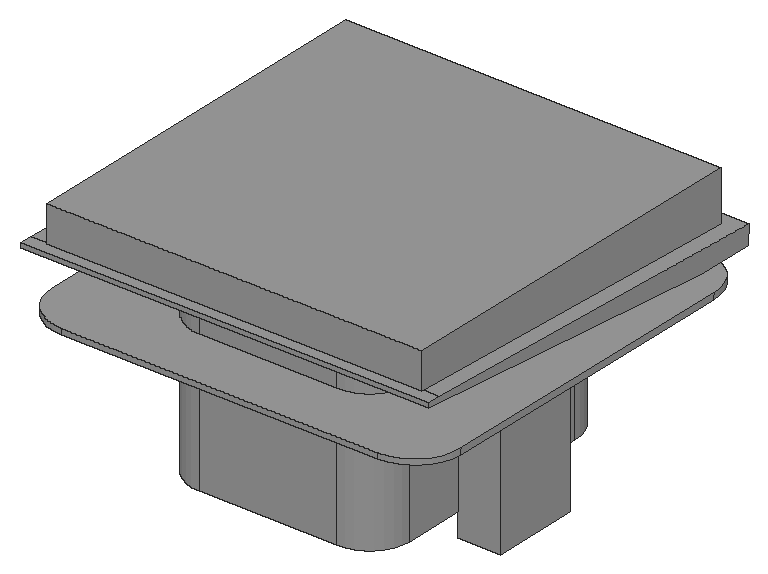
Revit family "Gira_012666", category Electrical Fixtures, host Face, Revit 2017
Family settings
  Host = Face
  Maintain Annotation Orientation = Yes
  Round Connector Dimension = Use Diameter
  Part Type = Normal
  Cut with Voids When Loaded = No
  Shared = No
  Room Calculation Point = No
Parameters (values of type "PB sw. off/2-way Gira TX_44 (WP FM) p.white")
  With mounting plate = "No"
  Wiring system = "Two-way switch"
  Washing machine switch = "No"
  URL = "http://katalog.gira.de/en/datenblatt.html?artikelnr=012666"
  Type of fastening = "Mounting with claw and screw"
  Surface protection = "Other"
  Suitable for degree of protection (IP) = "IP44"
  Rated current = "10"
  RAL-number (akin) = "9010"
  Push button switch = "Yes"
  Number of rockers = "1"
  Number of modules (module system) = "1"
  Nominal voltage = "250"
  Name = "PB sw. off/2-way Gira TX_44 (WP FM) p.white"
  Mounting method = "Flush mounted (plaster)"
  Method of operation = "Rocker/button"
  Material quality = "Thermoplastic"
  Material = "Plastic"
  Manufacturer URL = "https://www.gira.de/"
  Manufacturer = "Gira"
  Label space/information surface = "No"
  Keynote = ""
  Illumination = "No"
  HeinzeBIM = "https://bimportal.heinze.de/bim/pb-sw-off-2-way-gira-tx-44-wp-fm-p-white/87e148f87b9652e7c44a867898ee85d702d4fd30"
  Halogen free = "Yes"
  HAN = "012666"
  GTIN = "4010337126669"
  Feedback-signal contact = "No"
  Description = "PB sw.off 2-w TX_44 PW,Pushbutton switch 10 AX 250 V~ with rocker,Universal off 2-way switch,pure white,Notes :,- With touch-activation operation.,- Theft-prevention implemented via optional screw-in clamp piece. This makes plugging of cover frame unnecessary.,- If this switch is to be illuminated, please incorporate an indicator switch."
  Default Elevation = 1219.2 mm
  Data sheet (1) = "https://katalog.gira.de/en/download.html?artikelnr=012666"
  Connection type = "Plug clamp"
  Colour = "White"
  Category = "Switch"
  BIM (1) = "https://media.stage.bim.site/public/gira/36a6b08/TX44_Komplettgerät_Schalten und Tasten.rfa?public/gira/36a6b08/TX44_Komplettgerät_Schalten und Tasten.rfa"
  Available = "No"
  Assembly arrangement = "Basic element with central cover plate"
Reference planes
  plane 1 "Center (Front/Back)": y = 0
  plane 2 "Reference Level 0": z = 0
  plane 3 "Center (Left/Right)": x = 0
  plane 4: z = -28.6
Forms (mm)
  Extrusion 1, solid, material "Default", detail levels fine
    sketch origin (0, 0, 0) x (1, 0, 0) y (0, 1, 0)
      loop
        line (-32.604, 32.5) -> (-32.604, -32.5) -> (32.735, -32.5) -> (32.735, 32.5) -> (-32.604, 32.5)
    from 0 to 12.3
  Extrusion 2, solid, material "Default", detail levels fine
    sketch origin (0, 0, 0) x (0, 1, 0) y (0, 0, 1)
      loop
        line (35, 3.483) -> (-32.2, 6) -> (-34.55, 6) -> (-34.536, 5.199) -> (24.886, 0) -> (34.939, 0) -> (35, 3.483)
    from -35.5 to 35.5
  Extrusion 3, void
    sketch origin (0, 0, 0) x (0, 1, 0) y (0, 0, 1)
      loop
        line (42.419, 3.205) -> (-32.2, 6) -> (-42.193, 6) -> (-42.193, -11.826) -> (42.419, -11.826) -> (42.419, 3.205)
    from -64.194 to 61.264
  Extrusion 4, solid, material "Default", detail levels fine
    sketch origin (0, 0, 0) x (1, 0, 0) y (0, 1, 0)
      loop
        arc (35.5, 27.5) -> (33.157, 33.157) -> (27.5, 35.5) r 8
        line (27.5, 35.5) -> (-27.5, 35.5)
        arc (-27.5, 35.5) -> (-33.157, 33.157) -> (-35.5, 27.5) r 8
        line (-35.5, 27.5) -> (-35.5, -27.5)
        arc (-35.5, -27.5) -> (-33.157, -33.157) -> (-27.5, -35.5) r 8
        line (-27.5, -35.5) -> (27.5, -35.5)
        arc (27.5, -35.5) -> (33.157, -33.157) -> (35.5, -27.5) r 8
        line (35.5, -27.5) -> (35.5, 27.5)
    from -4.1 to -5.1
  Extrusion 5, solid, material "Default", detail levels fine
    sketch origin (0, 0, 0) x (1, 0, 0) y (0, 1, 0)
      loop
        arc (-12, 25) -> (-16.95, 22.95) -> (-19, 18) r 7
        line (-19, 18) -> (-19, -18)
        arc (-19, -18) -> (-16.95, -22.95) -> (-12, -25) r 7
        line (-12, -25) -> (12, -25)
        arc (12, -25) -> (16.95, -22.95) -> (19, -18) r 7
        line (19, -18) -> (19, 18)
        arc (19, 18) -> (16.95, 22.95) -> (12, 25) r 7
        line (12, 25) -> (-12, 25)
    from 4.692 to -28.6
  Extrusion 6, solid, material "Default", detail levels fine
    sketch origin (0, 0, 0) x (1, 0, 0) y (0, 1, 0)
      loop
        line (-26.5, -7.5) -> (-19, -7.5) -> (-19, 7.5) -> (-26.5, 7.5) -> (-26.5, -7.5)
    from -5.1 to -32.6
  Extrusion 7, solid, material "Default", detail levels fine
    sketch origin (0, 0, 0) x (-1, 0, 0) y (0, -1, 0)
      loop
        line (-26.5, 7.5) -> (-26.5, -7.5) -> (-19, -7.5) -> (-19, 7.5) -> (-26.5, 7.5)
    from -5.1 to -32.6
  Extrusion 8, solid, material "Default", detail levels medium
    sketch origin (0, 0, 0) x (1, 0, 0) y (0, 1, 0)
      loop
        line (-32.604, 32.5) -> (-32.604, -32.5) -> (32.735, -32.5) -> (32.735, 32.5) -> (-32.604, 32.5)
    from 0 to 12.3
  Extrusion 9, solid, material "Default", detail levels medium
    sketch origin (0, 0, 0) x (0, 1, 0) y (0, 0, 1)
      loop
        line (35, 3.483) -> (-32.2, 6) -> (-34.55, 6) -> (-34.445, 0) -> (34.939, 0) -> (35, 3.483)
    from -35.5 to 35.5
  Extrusion 10, solid, material "Default", detail levels medium
    sketch origin (0, 0, 0) x (1, 0, 0) y (0, 1, 0)
      loop
        line (-26.5, 25) -> (-26.5, -25) -> (26.5, -25) -> (26.5, 25) -> (-26.5, 25)
    from 4.692 to -32.6
  Extrusion 11, solid, material "Default", detail levels medium
    sketch origin (0, 0, 0) x (1, 0, 0) y (0, 1, 0)
      loop
        line (35.5, 35.5) -> (-35.5, 35.5) -> (-35.5, -35.5) -> (35.5, -35.5) -> (35.5, 35.5)
    from -4.1 to -5.1
  Extrusion 12, solid, material "Default", detail levels coarse
    sketch origin (0, 0, 0) x (1, 0, 0) y (0, 1, 0)
      loop
        line (35.5, 35.5) -> (-35.5, 35.5) -> (-35.5, -35.5) -> (35.5, -35.5) -> (35.5, 35.5)
    from -32.6 to 12.3
Cuts and joins
  Extrusion 3 cuts Extrusion 1
  joined: Extrusion 1, Extrusion 2, Extrusion 4, Extrusion 5, Extrusion 6, Extrusion 7
Dimensions and locks
  Extrusion 12 to Extrusion 12 = 44.9 mm
  aligned and locked: plane 2 "Reference Level 0" to host face
  aligned and locked: level to host face
  aligned and locked: plane 3 "Center (Left/Right)" to nested 1
  aligned and locked: plane 1 "Center (Front/Back)" to nested 1
Nested families
  nested 1: "Schalter" at (0, 0, 0), type "Schalter"
Connectors
  electrical at (0, 0, -32.6)
    settings: on Extrusion 12, index 1, voltage 220 V, apparent load 0 VA, apparent load phase1 0 VA, apparent load phase2 0 VA, apparent load phase3 0 VA, power factor 1, load classification "Other", number of poles 1, system type 30, power factor state 1, is connector primary yes, connector utility no, sub classification motor no, connector description ""
Definition of nested family "Schalter"
  Reference planes
    plane 1: y = 0
    plane 2: x = 0
  Lines and regions (mm)
    detail lines
      curve 1: circle (1.375, 2.778, 0) r 0.8 normal (0, 0, 1)
      curve 2: line (1.021, 2.061, 0) -> (0, 0, 0)
      curve 3: line (0, 0, 0) -> (-0.538, 0.266, 0)
  Dimensions and locks
    curve 2 to curve 2 = 2.3 mm
    curve 3 to curve 2 = 0.6 mm
    radius of curve 1 = 0.8 mm
